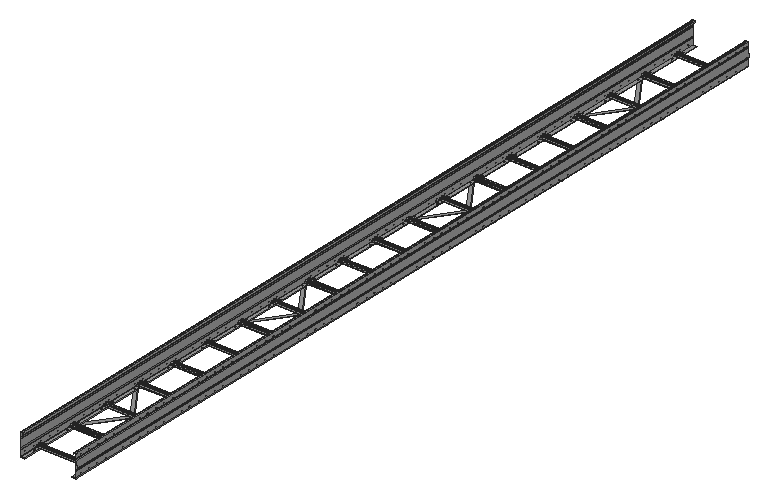
Revit family "WKLG1640", category Generic Models, Revit 2017 (continued)
Automatic sketch dimensions
  Extrusion 259 sketch curve to Extrusion 259 sketch curve = 0.5 mm  (x4)
  Extrusion 260 sketch curve to Extrusion 260 sketch curve = 0.5 mm  (x4)
  Extrusion 261 sketch curve to Extrusion 261 sketch curve = 0.5 mm  (x4)
  Extrusion 262 sketch curve to Extrusion 262 sketch curve = 0.5 mm  (x4)
  Extrusion 263 sketch curve to Extrusion 263 sketch curve = 0.5 mm  (x4)
  Extrusion 264 sketch curve to Extrusion 264 sketch curve = 0.5 mm  (x4)
  Extrusion 265 sketch curve to Extrusion 265 sketch curve = 0.5 mm  (x4)
  Extrusion 266 sketch curve to Extrusion 266 sketch curve = 0.5 mm  (x4)
  Extrusion 267 sketch curve to Extrusion 267 sketch curve = 0.5 mm  (x4)
  Extrusion 268 sketch curve to Extrusion 268 sketch curve = 0.5 mm  (x4)
  Extrusion 269 sketch curve to Extrusion 269 sketch curve = 0.5 mm  (x4)
  Extrusion 270 sketch curve to Extrusion 270 sketch curve = 0.5 mm  (x4)
  Extrusion 271 sketch curve to Extrusion 271 sketch curve = 0.5 mm  (x4)
  Extrusion 272 sketch curve to Extrusion 272 sketch curve = 0.5 mm  (x4)
  Extrusion 273 sketch curve to Extrusion 273 sketch curve = 0.5 mm  (x4)
  Extrusion 274 sketch curve to Extrusion 274 sketch curve = 0.5 mm  (x4)
  Extrusion 275 sketch curve to Extrusion 275 sketch curve = 0.5 mm  (x4)
  Extrusion 276 sketch curve to Extrusion 276 sketch curve = 0.5 mm  (x4)
  Extrusion 277 sketch curve to Extrusion 277 sketch curve = 0.5 mm  (x4)
  Extrusion 278 sketch curve to Extrusion 278 sketch curve = 0.5 mm  (x4)
  Extrusion 279 sketch curve to Extrusion 279 sketch curve = 0.5 mm  (x4)
  Extrusion 280 sketch curve to Extrusion 280 sketch curve = 0.5 mm  (x4)
  Extrusion 281 sketch curve to Extrusion 281 sketch curve = 0.5 mm  (x4)
  Extrusion 282 sketch curve to Extrusion 282 sketch curve = 0.5 mm  (x4)
  Extrusion 283 sketch curve to Extrusion 283 sketch curve = 0.5 mm  (x4)
  Extrusion 284 sketch curve to Extrusion 284 sketch curve = 0.5 mm  (x4)
  Extrusion 285 sketch curve to Extrusion 285 sketch curve = 0.5 mm  (x4)
  Extrusion 286 sketch curve to Extrusion 286 sketch curve = 0.5 mm  (x4)
  Extrusion 287 sketch curve to Extrusion 287 sketch curve = 0.5 mm  (x4)
  Extrusion 288 sketch curve to Extrusion 288 sketch curve = 0.5 mm  (x4)
  Extrusion 289 sketch curve to Extrusion 289 sketch curve = 0.5 mm  (x4)
  Extrusion 290 sketch curve to Extrusion 290 sketch curve = 0.5 mm  (x4)
  Extrusion 291 sketch curve to Extrusion 291 sketch curve = 0.5 mm  (x4)
  Extrusion 292 sketch curve to Extrusion 292 sketch curve = 0.5 mm  (x4)
  Extrusion 293 sketch curve to Extrusion 293 sketch curve = 0.5 mm  (x4)
  Extrusion 294 sketch curve to Extrusion 294 sketch curve = 0.5 mm  (x4)
  Extrusion 295 sketch curve to Extrusion 295 sketch curve = 0.5 mm  (x4)
  Extrusion 296 sketch curve to Extrusion 296 sketch curve = 0.5 mm  (x4)
  Extrusion 297 sketch curve to Extrusion 297 sketch curve = 0.5 mm  (x4)
  Extrusion 298 sketch curve to Extrusion 298 sketch curve = 0.5 mm  (x4)
  Extrusion 299 sketch curve to Extrusion 299 sketch curve = 0.5 mm  (x4)
  Extrusion 300 sketch curve to Extrusion 300 sketch curve = 0.5 mm  (x4)
  Extrusion 301 sketch curve to Extrusion 301 sketch curve = 0.5 mm  (x4)
  Extrusion 302 sketch curve to Extrusion 302 sketch curve = 0.5 mm  (x4)
  Extrusion 303 sketch curve to Extrusion 303 sketch curve = 0.5 mm  (x4)
  Extrusion 304 sketch curve to Extrusion 304 sketch curve = 0.5 mm  (x4)
  Extrusion 305 sketch curve to Extrusion 305 sketch curve = 0.5 mm  (x4)
  Extrusion 306 sketch curve to Extrusion 306 sketch curve = 0.5 mm  (x4)
  Extrusion 307 sketch curve to Extrusion 307 sketch curve = 0.5 mm  (x4)
  Extrusion 308 sketch curve to Extrusion 308 sketch curve = 0.5 mm  (x4)
  Extrusion 309 sketch curve to Extrusion 309 sketch curve = 0.5 mm  (x4)
  Extrusion 310 sketch curve to Extrusion 310 sketch curve = 0.5 mm  (x4)
  Extrusion 311 sketch curve to Extrusion 311 sketch curve = 0.5 mm  (x4)
  Extrusion 312 sketch curve to Extrusion 312 sketch curve = 0.5 mm  (x4)
  Extrusion 313 sketch curve to Extrusion 313 sketch curve = 0.5 mm  (x4)
  Extrusion 314 sketch curve to Extrusion 314 sketch curve = 0.5 mm  (x4)
  Extrusion 315 sketch curve to Extrusion 315 sketch curve = 0.5 mm  (x4)
  Extrusion 316 sketch curve to Extrusion 316 sketch curve = 0.5 mm  (x4)
  Extrusion 317 sketch curve to Extrusion 317 sketch curve = 0.5 mm  (x4)
  Extrusion 318 sketch curve to Extrusion 318 sketch curve = 0.5 mm  (x4)
  Extrusion 319 sketch curve to Extrusion 319 sketch curve = 0.5 mm  (x4)
  Extrusion 320 sketch curve to Extrusion 320 sketch curve = 0.5 mm  (x4)
  Extrusion 321 sketch curve to Extrusion 321 sketch curve = 0.5 mm  (x4)
  Extrusion 322 sketch curve to Extrusion 322 sketch curve = 0.5 mm  (x4)
  Extrusion 323 sketch curve to plane 180 = 0 mm  (x2)
  Extrusion 323 sketch curve to Extrusion 323 sketch curve = 1.56 mm
  Extrusion 323 sketch curve to plane 180 = 1.979 mm  (x2)
  Extrusion 323 sketch curve to Extrusion 323 sketch curve = 0.972 mm
  Extrusion 323 sketch curve to Extrusion 323 sketch curve = 0.087 mm
  Extrusion 323 sketch curve to plane 180 = 2.265 mm
  Extrusion 323 sketch curve to Extrusion 323 sketch curve = 0.57 mm
  Extrusion 323 sketch curve to Extrusion 323 sketch curve = 0.402 mm
  Extrusion 323 sketch curve to Extrusion 323 sketch curve = 5.713 mm
  Extrusion 323 sketch curve to plane 180 = 2.5 mm
  Extrusion 323 sketch curve to Extrusion 323 sketch curve = 5.709 mm
  Extrusion 323 sketch curve to Extrusion 323 sketch curve = 0.325 mm
  Extrusion 323 sketch curve to Extrusion 323 sketch curve = 2.671 mm
  Extrusion 323 sketch curve to Extrusion 323 sketch curve = 0.071 mm
  Extrusion 323 sketch curve to plane 180 = 12.979 mm
  Extrusion 323 sketch curve to Extrusion 323 sketch curve = 2.346 mm
  Extrusion 323 sketch curve to Extrusion 323 sketch curve = 13.249 mm
  Extrusion 323 sketch curve to plane 180 = 2.27 mm
  Extrusion 323 sketch curve to Extrusion 323 sketch curve = 1.797 mm
  Extrusion 324 sketch curve to plane 185 = 2.5 mm
  Extrusion 325 sketch curve to plane 186 = 2.5 mm
  Extrusion 326 sketch curve to plane 187 = 2.5 mm
  Extrusion 327 sketch curve to plane 188 = 2.5 mm
  Extrusion 328 sketch curve to plane 189 = 2.5 mm
  Extrusion 329 sketch curve to plane 190 = 2.5 mm
  Extrusion 330 sketch curve to plane 191 = 2.5 mm
  Extrusion 331 sketch curve to plane 192 = 2.5 mm
  Extrusion 332 sketch curve to plane 193 = 2.5 mm
  Extrusion 333 sketch curve to plane 194 = 2.5 mm
  Extrusion 334 sketch curve to plane 195 = 2.5 mm
  Extrusion 335 sketch curve to plane 196 = 2.5 mm
  Extrusion 336 sketch curve to plane 197 = 2.5 mm
  Extrusion 337 sketch curve to plane 198 = 2.5 mm
  Extrusion 338 sketch curve to plane 199 = 2.5 mm
  Extrusion 339 sketch curve to plane 200 = 2.5 mm
  Extrusion 340 sketch curve to plane 201 = 2.5 mm
  Extrusion 341 sketch curve to plane 202 = 2.5 mm
  Extrusion 342 sketch curve to plane 203 = 2.5 mm
  Extrusion 343 sketch curve to plane 204 = 2.5 mm
  Extrusion 344 sketch curve to plane 206 = 2.5 mm
  Extrusion 345 sketch curve to plane 208 = 2.5 mm
  Extrusion 346 sketch curve to plane 209 = 2.5 mm
  Extrusion 347 sketch curve to plane 210 = 2.5 mm
  Extrusion 348 sketch curve to plane 211 = 2.5 mm
  Extrusion 349 sketch curve to plane 212 = 2.5 mm
  Extrusion 350 sketch curve to plane 213 = 2.5 mm
  Extrusion 351 sketch curve to plane 214 = 2.5 mm
  Extrusion 352 sketch curve to plane 215 = 2.5 mm
  Extrusion 353 sketch curve to plane 216 = 2.5 mm
  Extrusion 354 sketch curve to plane 217 = 2.5 mm
  Extrusion 355 sketch curve to plane 218 = 2.5 mm
  Extrusion 356 sketch curve to plane 219 = 2.5 mm
  Extrusion 357 sketch curve to plane 220 = 2.5 mm
  Extrusion 358 sketch curve to plane 221 = 2.5 mm
  Extrusion 359 sketch curve to plane 222 = 2.5 mm
  Extrusion 360 sketch curve to plane 223 = 2.5 mm
  Extrusion 361 sketch curve to plane 224 = 2.5 mm
  Extrusion 362 sketch curve to plane 225 = 2.5 mm
  Extrusion 363 sketch curve to plane 226 = 2.5 mm
  plane 232 to Extrusion 384 sketch curve = 2.5 mm
  plane 233 to Extrusion 385 sketch curve = 2.5 mm
  plane 234 to Extrusion 386 sketch curve = 2.5 mm
  plane 235 to Extrusion 387 sketch curve = 2.5 mm
  plane 236 to Extrusion 388 sketch curve = 2.5 mm
  plane 237 to Extrusion 389 sketch curve = 2.5 mm
  plane 238 to Extrusion 390 sketch curve = 2.5 mm
  plane 239 to Extrusion 391 sketch curve = 2.5 mm
  plane 240 to Extrusion 392 sketch curve = 2.5 mm
  plane 241 to Extrusion 393 sketch curve = 2.5 mm
  plane 242 to Extrusion 394 sketch curve = 2.5 mm
  plane 243 to Extrusion 395 sketch curve = 2.5 mm
  plane 244 to Extrusion 396 sketch curve = 2.5 mm
  plane 245 to Extrusion 397 sketch curve = 2.5 mm
  plane 246 to Extrusion 398 sketch curve = 2.5 mm
  plane 247 to Extrusion 399 sketch curve = 2.5 mm
  plane 248 to Extrusion 400 sketch curve = 2.5 mm
  plane 249 to Extrusion 401 sketch curve = 2.5 mm
  plane 250 to Extrusion 402 sketch curve = 2.5 mm
  plane 251 to Extrusion 403 sketch curve = 2.5 mm
  Extrusion 404 sketch curve to plane 253 = 0 mm
  Extrusion 404 sketch curve to plane 255 = 0 mm
  Extrusion 404 sketch curve to plane 254 = 0 mm
  Extrusion 404 sketch curve to plane 259 = 2.75 mm
  Extrusion 404 sketch curve to Extrusion 404 sketch curve = 0 mm  (x3)
  Extrusion 405 sketch curve to plane 260 = 0 mm  (x2)
  Extrusion 405 sketch curve to Extrusion 405 sketch curve = 1.56 mm
  Extrusion 405 sketch curve to plane 260 = 1.979 mm  (x2)
  Extrusion 405 sketch curve to Extrusion 405 sketch curve = 0.972 mm
  Extrusion 405 sketch curve to Extrusion 405 sketch curve = 0.087 mm
  Extrusion 405 sketch curve to plane 260 = 2.265 mm
  Extrusion 405 sketch curve to Extrusion 405 sketch curve = 0.57 mm
  Extrusion 405 sketch curve to Extrusion 405 sketch curve = 0.402 mm
  Extrusion 405 sketch curve to Extrusion 405 sketch curve = 5.713 mm
  Extrusion 405 sketch curve to plane 260 = 2.5 mm
  Extrusion 405 sketch curve to Extrusion 405 sketch curve = 5.709 mm
  Extrusion 405 sketch curve to Extrusion 405 sketch curve = 0.325 mm
  Extrusion 405 sketch curve to Extrusion 405 sketch curve = 2.671 mm
  Extrusion 405 sketch curve to Extrusion 405 sketch curve = 0.071 mm
  Extrusion 405 sketch curve to plane 260 = 12.979 mm
  Extrusion 405 sketch curve to Extrusion 405 sketch curve = 2.346 mm
  Extrusion 405 sketch curve to Extrusion 405 sketch curve = 13.249 mm
  Extrusion 405 sketch curve to plane 260 = 2.27 mm
  Extrusion 405 sketch curve to Extrusion 405 sketch curve = 1.797 mm
  Extrusion 406 sketch curve to plane 261 = 0 mm  (x2)
  Extrusion 406 sketch curve to Extrusion 406 sketch curve = 1.56 mm
  Extrusion 406 sketch curve to plane 261 = 1.979 mm  (x2)
  Extrusion 406 sketch curve to Extrusion 406 sketch curve = 0.972 mm
  Extrusion 406 sketch curve to Extrusion 406 sketch curve = 0.087 mm
  Extrusion 406 sketch curve to plane 261 = 2.265 mm
  Extrusion 406 sketch curve to Extrusion 406 sketch curve = 0.57 mm
  Extrusion 406 sketch curve to Extrusion 406 sketch curve = 0.402 mm
  Extrusion 406 sketch curve to Extrusion 406 sketch curve = 5.713 mm
  Extrusion 406 sketch curve to plane 261 = 2.5 mm
  Extrusion 406 sketch curve to Extrusion 406 sketch curve = 5.709 mm
  Extrusion 406 sketch curve to Extrusion 406 sketch curve = 0.325 mm
  Extrusion 406 sketch curve to Extrusion 406 sketch curve = 2.671 mm
  Extrusion 406 sketch curve to Extrusion 406 sketch curve = 0.071 mm
  Extrusion 406 sketch curve to plane 261 = 12.979 mm
  Extrusion 406 sketch curve to Extrusion 406 sketch curve = 2.346 mm
  Extrusion 406 sketch curve to Extrusion 406 sketch curve = 13.249 mm
  Extrusion 406 sketch curve to plane 261 = 2.27 mm
  Extrusion 406 sketch curve to Extrusion 406 sketch curve = 1.797 mm
  Extrusion 407 sketch curve to plane 262 = 0 mm
  Extrusion 407 sketch curve to plane 264 = 0 mm
  Extrusion 407 sketch curve to plane 263 = 0 mm
  Extrusion 407 sketch curve to plane 268 = 2.75 mm
  Extrusion 407 sketch curve to Extrusion 407 sketch curve = 0 mm  (x3)
  Extrusion 408 sketch curve to plane 269 = 0 mm  (x2)
  Extrusion 408 sketch curve to Extrusion 408 sketch curve = 1.56 mm
  Extrusion 408 sketch curve to plane 269 = 1.979 mm  (x2)
  Extrusion 408 sketch curve to Extrusion 408 sketch curve = 0.972 mm
  Extrusion 408 sketch curve to Extrusion 408 sketch curve = 0.087 mm
  Extrusion 408 sketch curve to plane 269 = 2.265 mm
  Extrusion 408 sketch curve to Extrusion 408 sketch curve = 0.57 mm
  Extrusion 408 sketch curve to Extrusion 408 sketch curve = 0.402 mm
  Extrusion 408 sketch curve to Extrusion 408 sketch curve = 5.713 mm
  Extrusion 408 sketch curve to plane 269 = 2.5 mm
  Extrusion 408 sketch curve to Extrusion 408 sketch curve = 5.709 mm
  Extrusion 408 sketch curve to Extrusion 408 sketch curve = 0.325 mm
  Extrusion 408 sketch curve to Extrusion 408 sketch curve = 2.671 mm
  Extrusion 408 sketch curve to Extrusion 408 sketch curve = 0.071 mm
  Extrusion 408 sketch curve to plane 269 = 12.979 mm
  Extrusion 408 sketch curve to Extrusion 408 sketch curve = 2.346 mm
  Extrusion 408 sketch curve to Extrusion 408 sketch curve = 13.249 mm
  Extrusion 408 sketch curve to plane 269 = 2.27 mm
  Extrusion 408 sketch curve to Extrusion 408 sketch curve = 1.797 mm
  Extrusion 409 sketch curve to plane 270 = 0 mm
  Extrusion 409 sketch curve to plane 272 = 0 mm
  Extrusion 409 sketch curve to plane 271 = 0 mm
  Extrusion 409 sketch curve to plane 276 = 2.75 mm
  Extrusion 409 sketch curve to Extrusion 409 sketch curve = 0 mm  (x3)
  Extrusion 410 sketch curve to plane 277 = 0 mm  (x2)
  Extrusion 410 sketch curve to Extrusion 410 sketch curve = 1.56 mm
  Extrusion 410 sketch curve to plane 277 = 1.979 mm  (x2)
  Extrusion 410 sketch curve to Extrusion 410 sketch curve = 0.972 mm
  Extrusion 410 sketch curve to Extrusion 410 sketch curve = 0.087 mm
  Extrusion 410 sketch curve to plane 277 = 2.265 mm
  Extrusion 410 sketch curve to Extrusion 410 sketch curve = 0.57 mm
  Extrusion 410 sketch curve to Extrusion 410 sketch curve = 0.402 mm
  Extrusion 410 sketch curve to Extrusion 410 sketch curve = 5.713 mm
  Extrusion 410 sketch curve to plane 277 = 2.5 mm
  Extrusion 410 sketch curve to Extrusion 410 sketch curve = 5.709 mm
  Extrusion 410 sketch curve to Extrusion 410 sketch curve = 0.325 mm
  Extrusion 410 sketch curve to Extrusion 410 sketch curve = 2.671 mm
  Extrusion 410 sketch curve to Extrusion 410 sketch curve = 0.071 mm
  Extrusion 410 sketch curve to plane 277 = 12.979 mm
  Extrusion 410 sketch curve to Extrusion 410 sketch curve = 2.346 mm
  Extrusion 410 sketch curve to Extrusion 410 sketch curve = 13.249 mm
  Extrusion 410 sketch curve to plane 277 = 2.27 mm
  Extrusion 410 sketch curve to Extrusion 410 sketch curve = 1.797 mm
  Extrusion 411 sketch curve to plane 278 = 0 mm
  Extrusion 411 sketch curve to plane 280 = 0 mm
  Extrusion 411 sketch curve to plane 279 = 0 mm
  Extrusion 411 sketch curve to plane 284 = 2.75 mm
  Extrusion 411 sketch curve to Extrusion 411 sketch curve = 0 mm  (x3)
  Extrusion 412 sketch curve to plane 285 = 0 mm  (x2)
  Extrusion 412 sketch curve to Extrusion 412 sketch curve = 1.56 mm
  Extrusion 412 sketch curve to plane 285 = 1.979 mm  (x2)
  Extrusion 412 sketch curve to Extrusion 412 sketch curve = 0.972 mm
  Extrusion 412 sketch curve to Extrusion 412 sketch curve = 0.087 mm
  Extrusion 412 sketch curve to plane 285 = 2.265 mm
  Extrusion 412 sketch curve to Extrusion 412 sketch curve = 0.57 mm
  Extrusion 412 sketch curve to Extrusion 412 sketch curve = 0.402 mm
  Extrusion 412 sketch curve to Extrusion 412 sketch curve = 5.713 mm
  Extrusion 412 sketch curve to plane 285 = 2.5 mm
  Extrusion 412 sketch curve to Extrusion 412 sketch curve = 5.709 mm
  Extrusion 412 sketch curve to Extrusion 412 sketch curve = 0.325 mm
  Extrusion 412 sketch curve to Extrusion 412 sketch curve = 2.671 mm
  Extrusion 412 sketch curve to Extrusion 412 sketch curve = 0.071 mm
  Extrusion 412 sketch curve to plane 285 = 12.979 mm
  Extrusion 412 sketch curve to Extrusion 412 sketch curve = 2.346 mm
  Extrusion 412 sketch curve to Extrusion 412 sketch curve = 13.249 mm
  Extrusion 412 sketch curve to plane 285 = 2.27 mm
  Extrusion 412 sketch curve to Extrusion 412 sketch curve = 1.797 mm
  Extrusion 413 sketch curve to plane 286 = 0 mm
  Extrusion 413 sketch curve to plane 288 = 0 mm
  Extrusion 413 sketch curve to plane 287 = 0 mm
  Extrusion 413 sketch curve to plane 292 = 2.75 mm
  Extrusion 413 sketch curve to Extrusion 413 sketch curve = 0 mm  (x3)
  Extrusion 414 sketch curve to plane 293 = 0 mm  (x2)
  Extrusion 414 sketch curve to Extrusion 414 sketch curve = 1.56 mm
  Extrusion 414 sketch curve to plane 293 = 1.979 mm  (x2)
  Extrusion 414 sketch curve to Extrusion 414 sketch curve = 0.972 mm
  Extrusion 414 sketch curve to Extrusion 414 sketch curve = 0.087 mm
  Extrusion 414 sketch curve to plane 293 = 2.265 mm
  Extrusion 414 sketch curve to Extrusion 414 sketch curve = 0.57 mm
  Extrusion 414 sketch curve to Extrusion 414 sketch curve = 0.402 mm
  Extrusion 414 sketch curve to Extrusion 414 sketch curve = 5.713 mm
  Extrusion 414 sketch curve to plane 293 = 2.5 mm
  Extrusion 414 sketch curve to Extrusion 414 sketch curve = 5.709 mm
  Extrusion 414 sketch curve to Extrusion 414 sketch curve = 0.325 mm
  Extrusion 414 sketch curve to Extrusion 414 sketch curve = 2.671 mm
  Extrusion 414 sketch curve to Extrusion 414 sketch curve = 0.071 mm
  Extrusion 414 sketch curve to plane 293 = 12.979 mm
  Extrusion 414 sketch curve to Extrusion 414 sketch curve = 2.346 mm
  Extrusion 414 sketch curve to Extrusion 414 sketch curve = 13.249 mm
  Extrusion 414 sketch curve to plane 293 = 2.27 mm
  Extrusion 414 sketch curve to Extrusion 414 sketch curve = 1.797 mm
  Extrusion 415 sketch curve to plane 294 = 0 mm
  Extrusion 415 sketch curve to plane 296 = 0 mm
  Extrusion 415 sketch curve to plane 295 = 0 mm
  Extrusion 415 sketch curve to plane 300 = 2.75 mm
  Extrusion 415 sketch curve to Extrusion 415 sketch curve = 0 mm  (x3)
  Extrusion 416 sketch curve to plane 301 = 0 mm  (x2)
  Extrusion 416 sketch curve to Extrusion 416 sketch curve = 1.56 mm
  Extrusion 416 sketch curve to plane 301 = 1.979 mm  (x2)
  Extrusion 416 sketch curve to Extrusion 416 sketch curve = 0.972 mm
  Extrusion 416 sketch curve to Extrusion 416 sketch curve = 0.087 mm
  Extrusion 416 sketch curve to plane 301 = 2.265 mm
  Extrusion 416 sketch curve to Extrusion 416 sketch curve = 0.57 mm
  Extrusion 416 sketch curve to Extrusion 416 sketch curve = 0.402 mm
  Extrusion 416 sketch curve to Extrusion 416 sketch curve = 5.713 mm
  Extrusion 416 sketch curve to plane 301 = 2.5 mm
  Extrusion 416 sketch curve to Extrusion 416 sketch curve = 5.709 mm
  Extrusion 416 sketch curve to Extrusion 416 sketch curve = 0.325 mm
  Extrusion 416 sketch curve to Extrusion 416 sketch curve = 2.671 mm
  Extrusion 416 sketch curve to Extrusion 416 sketch curve = 0.071 mm
  Extrusion 416 sketch curve to plane 301 = 12.979 mm
  Extrusion 416 sketch curve to Extrusion 416 sketch curve = 2.346 mm
  Extrusion 416 sketch curve to Extrusion 416 sketch curve = 13.249 mm
  Extrusion 416 sketch curve to plane 301 = 2.27 mm
  Extrusion 416 sketch curve to Extrusion 416 sketch curve = 1.797 mm
  Extrusion 417 sketch curve to plane 302 = 0 mm
  Extrusion 417 sketch curve to plane 304 = 0 mm
  Extrusion 417 sketch curve to plane 303 = 0 mm
  Extrusion 417 sketch curve to plane 308 = 2.75 mm
  Extrusion 417 sketch curve to Extrusion 417 sketch curve = 0 mm  (x3)
  Extrusion 418 sketch curve to plane 309 = 0 mm  (x2)
  Extrusion 418 sketch curve to Extrusion 418 sketch curve = 1.56 mm
  Extrusion 418 sketch curve to plane 309 = 1.979 mm  (x2)
  Extrusion 418 sketch curve to Extrusion 418 sketch curve = 0.972 mm
  Extrusion 418 sketch curve to Extrusion 418 sketch curve = 0.087 mm
  Extrusion 418 sketch curve to plane 309 = 2.265 mm
  Extrusion 418 sketch curve to Extrusion 418 sketch curve = 0.57 mm
  Extrusion 418 sketch curve to Extrusion 418 sketch curve = 0.402 mm
  Extrusion 418 sketch curve to Extrusion 418 sketch curve = 5.713 mm
  Extrusion 418 sketch curve to plane 309 = 2.5 mm
  Extrusion 418 sketch curve to Extrusion 418 sketch curve = 5.709 mm
  Extrusion 418 sketch curve to Extrusion 418 sketch curve = 0.325 mm
  Extrusion 418 sketch curve to Extrusion 418 sketch curve = 2.671 mm
  Extrusion 418 sketch curve to Extrusion 418 sketch curve = 0.071 mm
  Extrusion 418 sketch curve to plane 309 = 12.979 mm
  Extrusion 418 sketch curve to Extrusion 418 sketch curve = 2.346 mm
  Extrusion 418 sketch curve to Extrusion 418 sketch curve = 13.249 mm
  Extrusion 418 sketch curve to plane 309 = 2.27 mm
  Extrusion 418 sketch curve to Extrusion 418 sketch curve = 1.797 mm
  Extrusion 419 sketch curve to plane 310 = 0 mm
  Extrusion 419 sketch curve to plane 312 = 0 mm
  Extrusion 419 sketch curve to plane 311 = 0 mm
  Extrusion 419 sketch curve to plane 316 = 2.75 mm
  Extrusion 419 sketch curve to Extrusion 419 sketch curve = 0 mm  (x3)
  Extrusion 420 sketch curve to plane 317 = 0 mm  (x2)
  Extrusion 420 sketch curve to Extrusion 420 sketch curve = 1.56 mm
  Extrusion 420 sketch curve to plane 317 = 1.979 mm  (x2)
  Extrusion 420 sketch curve to Extrusion 420 sketch curve = 0.972 mm
  Extrusion 420 sketch curve to Extrusion 420 sketch curve = 0.087 mm
  Extrusion 420 sketch curve to plane 317 = 2.265 mm
  Extrusion 420 sketch curve to Extrusion 420 sketch curve = 0.57 mm
  Extrusion 420 sketch curve to Extrusion 420 sketch curve = 0.402 mm
  Extrusion 420 sketch curve to Extrusion 420 sketch curve = 5.713 mm
  Extrusion 420 sketch curve to plane 317 = 2.5 mm
  Extrusion 420 sketch curve to Extrusion 420 sketch curve = 5.709 mm
  Extrusion 420 sketch curve to Extrusion 420 sketch curve = 0.325 mm
  Extrusion 420 sketch curve to Extrusion 420 sketch curve = 2.671 mm
  Extrusion 420 sketch curve to Extrusion 420 sketch curve = 0.071 mm
  Extrusion 420 sketch curve to plane 317 = 12.979 mm
  Extrusion 420 sketch curve to Extrusion 420 sketch curve = 2.346 mm
  Extrusion 420 sketch curve to Extrusion 420 sketch curve = 13.249 mm
  Extrusion 420 sketch curve to plane 317 = 2.27 mm
  Extrusion 420 sketch curve to Extrusion 420 sketch curve = 1.797 mm
  Extrusion 421 sketch curve to plane 318 = 0 mm
  Extrusion 421 sketch curve to plane 320 = 0 mm
  Extrusion 421 sketch curve to plane 319 = 0 mm
  Extrusion 421 sketch curve to plane 324 = 2.75 mm
  Extrusion 421 sketch curve to Extrusion 421 sketch curve = 0 mm  (x3)
  Extrusion 422 sketch curve to plane 325 = 0 mm  (x2)
  Extrusion 422 sketch curve to Extrusion 422 sketch curve = 1.56 mm
  Extrusion 422 sketch curve to plane 325 = 1.979 mm  (x2)
  Extrusion 422 sketch curve to Extrusion 422 sketch curve = 0.972 mm
  Extrusion 422 sketch curve to Extrusion 422 sketch curve = 0.087 mm
  Extrusion 422 sketch curve to plane 325 = 2.265 mm
  Extrusion 422 sketch curve to Extrusion 422 sketch curve = 0.57 mm
  Extrusion 422 sketch curve to Extrusion 422 sketch curve = 0.402 mm
  Extrusion 422 sketch curve to Extrusion 422 sketch curve = 5.713 mm
  Extrusion 422 sketch curve to plane 325 = 2.5 mm
  Extrusion 422 sketch curve to Extrusion 422 sketch curve = 5.709 mm
  Extrusion 422 sketch curve to Extrusion 422 sketch curve = 0.325 mm
  Extrusion 422 sketch curve to Extrusion 422 sketch curve = 2.671 mm
  Extrusion 422 sketch curve to Extrusion 422 sketch curve = 0.071 mm
  Extrusion 422 sketch curve to plane 325 = 12.979 mm
  Extrusion 422 sketch curve to Extrusion 422 sketch curve = 2.346 mm
  Extrusion 422 sketch curve to Extrusion 422 sketch curve = 13.249 mm
  Extrusion 422 sketch curve to plane 325 = 2.27 mm
  Extrusion 422 sketch curve to Extrusion 422 sketch curve = 1.797 mm
  Extrusion 423 sketch curve to plane 326 = 0 mm
  Extrusion 423 sketch curve to plane 328 = 0 mm
  Extrusion 423 sketch curve to plane 327 = 0 mm
  Extrusion 423 sketch curve to plane 332 = 2.75 mm
  Extrusion 423 sketch curve to Extrusion 423 sketch curve = 0 mm  (x3)
  Extrusion 424 sketch curve to plane 333 = 0 mm  (x2)
  Extrusion 424 sketch curve to Extrusion 424 sketch curve = 1.56 mm
  Extrusion 424 sketch curve to plane 333 = 1.979 mm  (x2)
  Extrusion 424 sketch curve to Extrusion 424 sketch curve = 0.972 mm
  Extrusion 424 sketch curve to Extrusion 424 sketch curve = 0.087 mm
  Extrusion 424 sketch curve to plane 333 = 2.265 mm
  Extrusion 424 sketch curve to Extrusion 424 sketch curve = 0.57 mm
  Extrusion 424 sketch curve to Extrusion 424 sketch curve = 0.402 mm
  Extrusion 424 sketch curve to Extrusion 424 sketch curve = 5.713 mm
  Extrusion 424 sketch curve to plane 333 = 2.5 mm
  Extrusion 424 sketch curve to Extrusion 424 sketch curve = 5.709 mm
  Extrusion 424 sketch curve to Extrusion 424 sketch curve = 0.325 mm
  Extrusion 424 sketch curve to Extrusion 424 sketch curve = 2.671 mm
  Extrusion 424 sketch curve to Extrusion 424 sketch curve = 0.071 mm
  Extrusion 424 sketch curve to plane 333 = 12.979 mm
  Extrusion 424 sketch curve to Extrusion 424 sketch curve = 2.346 mm
  Extrusion 424 sketch curve to Extrusion 424 sketch curve = 13.249 mm
  Extrusion 424 sketch curve to plane 333 = 2.27 mm
  Extrusion 424 sketch curve to Extrusion 424 sketch curve = 1.797 mm
  Extrusion 425 sketch curve to plane 334 = 0 mm
  Extrusion 425 sketch curve to plane 336 = 0 mm
  Extrusion 425 sketch curve to plane 335 = 0 mm
  Extrusion 425 sketch curve to plane 340 = 2.75 mm
  Extrusion 425 sketch curve to Extrusion 425 sketch curve = 0 mm  (x3)
  Extrusion 426 sketch curve to plane 341 = 0 mm  (x2)
  Extrusion 426 sketch curve to Extrusion 426 sketch curve = 1.56 mm
  Extrusion 426 sketch curve to plane 341 = 1.979 mm  (x2)
  Extrusion 426 sketch curve to Extrusion 426 sketch curve = 0.972 mm
  Extrusion 426 sketch curve to Extrusion 426 sketch curve = 0.087 mm
  Extrusion 426 sketch curve to plane 341 = 2.265 mm
  Extrusion 426 sketch curve to Extrusion 426 sketch curve = 0.57 mm
  Extrusion 426 sketch curve to Extrusion 426 sketch curve = 0.402 mm
  Extrusion 426 sketch curve to Extrusion 426 sketch curve = 5.713 mm
  Extrusion 426 sketch curve to plane 341 = 2.5 mm
  Extrusion 426 sketch curve to Extrusion 426 sketch curve = 5.709 mm
  Extrusion 426 sketch curve to Extrusion 426 sketch curve = 0.325 mm
  Extrusion 426 sketch curve to Extrusion 426 sketch curve = 2.671 mm
  Extrusion 426 sketch curve to Extrusion 426 sketch curve = 0.071 mm
  Extrusion 426 sketch curve to plane 341 = 12.979 mm
  Extrusion 426 sketch curve to Extrusion 426 sketch curve = 2.346 mm
  Extrusion 426 sketch curve to Extrusion 426 sketch curve = 13.249 mm
  Extrusion 426 sketch curve to plane 341 = 2.27 mm
  Extrusion 426 sketch curve to Extrusion 426 sketch curve = 1.797 mm
  Extrusion 427 sketch curve to plane 342 = 0 mm
  Extrusion 427 sketch curve to plane 344 = 0 mm
  Extrusion 427 sketch curve to plane 343 = 0 mm
  Extrusion 427 sketch curve to plane 348 = 2.75 mm
  Extrusion 427 sketch curve to Extrusion 427 sketch curve = 0 mm  (x3)
  Extrusion 428 sketch curve to plane 349 = 0 mm  (x2)
  Extrusion 428 sketch curve to Extrusion 428 sketch curve = 1.56 mm
  Extrusion 428 sketch curve to plane 349 = 1.979 mm  (x2)
  Extrusion 428 sketch curve to Extrusion 428 sketch curve = 0.972 mm
  Extrusion 428 sketch curve to Extrusion 428 sketch curve = 0.087 mm
  Extrusion 428 sketch curve to plane 349 = 2.265 mm
  Extrusion 428 sketch curve to Extrusion 428 sketch curve = 0.57 mm
  Extrusion 428 sketch curve to Extrusion 428 sketch curve = 0.402 mm
  Extrusion 428 sketch curve to Extrusion 428 sketch curve = 5.713 mm
  Extrusion 428 sketch curve to plane 349 = 2.5 mm
  Extrusion 428 sketch curve to Extrusion 428 sketch curve = 5.709 mm
  Extrusion 428 sketch curve to Extrusion 428 sketch curve = 0.325 mm
  Extrusion 428 sketch curve to Extrusion 428 sketch curve = 2.671 mm
  Extrusion 428 sketch curve to Extrusion 428 sketch curve = 0.071 mm
  Extrusion 428 sketch curve to plane 349 = 12.979 mm
  Extrusion 428 sketch curve to Extrusion 428 sketch curve = 2.346 mm
  Extrusion 428 sketch curve to Extrusion 428 sketch curve = 13.249 mm
  Extrusion 428 sketch curve to plane 349 = 2.27 mm
  Extrusion 428 sketch curve to Extrusion 428 sketch curve = 1.797 mm
  Extrusion 429 sketch curve to plane 350 = 0 mm
  Extrusion 429 sketch curve to plane 352 = 0 mm
  Extrusion 429 sketch curve to plane 351 = 0 mm
  Extrusion 429 sketch curve to plane 356 = 2.75 mm
  Extrusion 429 sketch curve to Extrusion 429 sketch curve = 0 mm  (x3)
  Extrusion 430 sketch curve to plane 357 = 0 mm  (x2)
  Extrusion 430 sketch curve to Extrusion 430 sketch curve = 1.56 mm
  Extrusion 430 sketch curve to plane 357 = 1.979 mm  (x2)
  Extrusion 430 sketch curve to Extrusion 430 sketch curve = 0.972 mm
  Extrusion 430 sketch curve to Extrusion 430 sketch curve = 0.087 mm
  Extrusion 430 sketch curve to plane 357 = 2.265 mm
  Extrusion 430 sketch curve to Extrusion 430 sketch curve = 0.57 mm
  Extrusion 430 sketch curve to Extrusion 430 sketch curve = 0.402 mm
  Extrusion 430 sketch curve to Extrusion 430 sketch curve = 5.713 mm
  Extrusion 430 sketch curve to plane 357 = 2.5 mm
  Extrusion 430 sketch curve to Extrusion 430 sketch curve = 5.709 mm
  Extrusion 430 sketch curve to Extrusion 430 sketch curve = 0.325 mm
  Extrusion 430 sketch curve to Extrusion 430 sketch curve = 2.671 mm
  Extrusion 430 sketch curve to Extrusion 430 sketch curve = 0.071 mm
  Extrusion 430 sketch curve to plane 357 = 12.979 mm
  Extrusion 430 sketch curve to Extrusion 430 sketch curve = 2.346 mm
  Extrusion 430 sketch curve to Extrusion 430 sketch curve = 13.249 mm
  Extrusion 430 sketch curve to plane 357 = 2.27 mm
  Extrusion 430 sketch curve to Extrusion 430 sketch curve = 1.797 mm
  Extrusion 431 sketch curve to plane 358 = 0 mm
  Extrusion 431 sketch curve to plane 360 = 0 mm
  Extrusion 431 sketch curve to plane 359 = 0 mm
  Extrusion 431 sketch curve to plane 364 = 2.75 mm
  Extrusion 431 sketch curve to Extrusion 431 sketch curve = 0 mm  (x3)
  Extrusion 432 sketch curve to plane 365 = 0 mm  (x2)
  Extrusion 432 sketch curve to Extrusion 432 sketch curve = 1.56 mm
  Extrusion 432 sketch curve to plane 365 = 1.979 mm  (x2)
  Extrusion 432 sketch curve to Extrusion 432 sketch curve = 0.972 mm
  Extrusion 432 sketch curve to Extrusion 432 sketch curve = 0.087 mm
  Extrusion 432 sketch curve to plane 365 = 2.265 mm
  Extrusion 432 sketch curve to Extrusion 432 sketch curve = 0.57 mm
  Extrusion 432 sketch curve to Extrusion 432 sketch curve = 0.402 mm
  Extrusion 432 sketch curve to Extrusion 432 sketch curve = 5.713 mm
  Extrusion 432 sketch curve to plane 365 = 2.5 mm
  Extrusion 432 sketch curve to Extrusion 432 sketch curve = 5.709 mm
  Extrusion 432 sketch curve to Extrusion 432 sketch curve = 0.325 mm
  Extrusion 432 sketch curve to Extrusion 432 sketch curve = 2.671 mm
  Extrusion 432 sketch curve to Extrusion 432 sketch curve = 0.071 mm
  Extrusion 432 sketch curve to plane 365 = 12.979 mm
  Extrusion 432 sketch curve to Extrusion 432 sketch curve = 2.346 mm
  Extrusion 432 sketch curve to Extrusion 432 sketch curve = 13.249 mm
  Extrusion 432 sketch curve to plane 365 = 2.27 mm
  Extrusion 432 sketch curve to Extrusion 432 sketch curve = 1.797 mm
  Extrusion 433 sketch curve to plane 366 = 0 mm
  Extrusion 433 sketch curve to plane 368 = 0 mm
  Extrusion 433 sketch curve to plane 367 = 0 mm
  Extrusion 433 sketch curve to plane 372 = 2.75 mm
  Extrusion 433 sketch curve to Extrusion 433 sketch curve = 0 mm  (x3)
  Extrusion 434 sketch curve to plane 373 = 0 mm  (x2)
  Extrusion 434 sketch curve to Extrusion 434 sketch curve = 1.56 mm
  Extrusion 434 sketch curve to plane 373 = 1.979 mm  (x2)
  Extrusion 434 sketch curve to Extrusion 434 sketch curve = 0.972 mm
  Extrusion 434 sketch curve to Extrusion 434 sketch curve = 0.087 mm
  Extrusion 434 sketch curve to plane 373 = 2.265 mm
  Extrusion 434 sketch curve to Extrusion 434 sketch curve = 0.57 mm
  Extrusion 434 sketch curve to Extrusion 434 sketch curve = 0.402 mm
  Extrusion 434 sketch curve to Extrusion 434 sketch curve = 5.713 mm
  Extrusion 434 sketch curve to plane 373 = 2.5 mm
  Extrusion 434 sketch curve to Extrusion 434 sketch curve = 5.709 mm
  Extrusion 434 sketch curve to Extrusion 434 sketch curve = 0.325 mm
  Extrusion 434 sketch curve to Extrusion 434 sketch curve = 2.671 mm
  Extrusion 434 sketch curve to Extrusion 434 sketch curve = 0.071 mm
  Extrusion 434 sketch curve to plane 373 = 12.979 mm
  Extrusion 434 sketch curve to Extrusion 434 sketch curve = 2.346 mm
  Extrusion 434 sketch curve to Extrusion 434 sketch curve = 13.249 mm
  Extrusion 434 sketch curve to plane 373 = 2.27 mm
  Extrusion 434 sketch curve to Extrusion 434 sketch curve = 1.797 mm
  Extrusion 435 sketch curve to plane 374 = 0 mm
  Extrusion 435 sketch curve to plane 376 = 0 mm
  Extrusion 435 sketch curve to plane 375 = 0 mm
  Extrusion 435 sketch curve to plane 380 = 2.75 mm
  Extrusion 435 sketch curve to Extrusion 435 sketch curve = 0 mm  (x3)
  Extrusion 436 sketch curve to plane 381 = 0 mm  (x2)
  Extrusion 436 sketch curve to Extrusion 436 sketch curve = 1.56 mm
  Extrusion 436 sketch curve to plane 381 = 1.979 mm  (x2)
  Extrusion 436 sketch curve to Extrusion 436 sketch curve = 0.972 mm
  Extrusion 436 sketch curve to Extrusion 436 sketch curve = 0.087 mm
  Extrusion 436 sketch curve to plane 381 = 2.265 mm
  Extrusion 436 sketch curve to Extrusion 436 sketch curve = 0.57 mm
  Extrusion 436 sketch curve to Extrusion 436 sketch curve = 0.402 mm
  Extrusion 436 sketch curve to Extrusion 436 sketch curve = 5.713 mm
  Extrusion 436 sketch curve to plane 381 = 2.5 mm
  Extrusion 436 sketch curve to Extrusion 436 sketch curve = 5.709 mm
  Extrusion 436 sketch curve to Extrusion 436 sketch curve = 0.325 mm
  Extrusion 436 sketch curve to Extrusion 436 sketch curve = 2.671 mm
  Extrusion 436 sketch curve to Extrusion 436 sketch curve = 0.071 mm
  Extrusion 436 sketch curve to plane 381 = 12.979 mm
  Extrusion 436 sketch curve to Extrusion 436 sketch curve = 2.346 mm
  Extrusion 436 sketch curve to Extrusion 436 sketch curve = 13.249 mm
  Extrusion 436 sketch curve to plane 381 = 2.27 mm
  Extrusion 436 sketch curve to Extrusion 436 sketch curve = 1.797 mm
  Extrusion 437 sketch curve to plane 382 = 0 mm
  Extrusion 437 sketch curve to plane 384 = 0 mm
  Extrusion 437 sketch curve to plane 383 = 0 mm
  Extrusion 437 sketch curve to plane 388 = 2.75 mm
  Extrusion 437 sketch curve to Extrusion 437 sketch curve = 0 mm  (x3)
  Extrusion 438 sketch curve to plane 389 = 0 mm  (x2)
  Extrusion 438 sketch curve to Extrusion 438 sketch curve = 1.56 mm
  Extrusion 438 sketch curve to plane 389 = 1.979 mm  (x2)
  Extrusion 438 sketch curve to Extrusion 438 sketch curve = 0.972 mm
  Extrusion 438 sketch curve to Extrusion 438 sketch curve = 0.087 mm
  Extrusion 438 sketch curve to plane 389 = 2.265 mm
  Extrusion 438 sketch curve to Extrusion 438 sketch curve = 0.57 mm
  Extrusion 438 sketch curve to Extrusion 438 sketch curve = 0.402 mm
  Extrusion 438 sketch curve to Extrusion 438 sketch curve = 5.713 mm
  Extrusion 438 sketch curve to plane 389 = 2.5 mm
  Extrusion 438 sketch curve to Extrusion 438 sketch curve = 5.709 mm
  Extrusion 438 sketch curve to Extrusion 438 sketch curve = 0.325 mm
  Extrusion 438 sketch curve to Extrusion 438 sketch curve = 2.671 mm
  Extrusion 438 sketch curve to Extrusion 438 sketch curve = 0.071 mm
  Extrusion 438 sketch curve to plane 389 = 12.979 mm
  Extrusion 438 sketch curve to Extrusion 438 sketch curve = 2.346 mm
  Extrusion 438 sketch curve to Extrusion 438 sketch curve = 13.249 mm
  Extrusion 438 sketch curve to plane 389 = 2.27 mm
  Extrusion 438 sketch curve to Extrusion 438 sketch curve = 1.797 mm
  Extrusion 439 sketch curve to plane 390 = 0 mm
  Extrusion 439 sketch curve to plane 392 = 0 mm
  Extrusion 439 sketch curve to plane 391 = 0 mm
  Extrusion 439 sketch curve to plane 396 = 2.75 mm
  Extrusion 439 sketch curve to Extrusion 439 sketch curve = 0 mm  (x3)
  Extrusion 440 sketch curve to plane 397 = 0 mm  (x2)
  Extrusion 440 sketch curve to Extrusion 440 sketch curve = 1.56 mm
  Extrusion 440 sketch curve to plane 397 = 1.979 mm  (x2)
  Extrusion 440 sketch curve to Extrusion 440 sketch curve = 0.972 mm
  Extrusion 440 sketch curve to Extrusion 440 sketch curve = 0.087 mm
  Extrusion 440 sketch curve to plane 397 = 2.265 mm
  Extrusion 440 sketch curve to Extrusion 440 sketch curve = 0.57 mm
  Extrusion 440 sketch curve to Extrusion 440 sketch curve = 0.402 mm
  Extrusion 440 sketch curve to Extrusion 440 sketch curve = 5.713 mm
  Extrusion 440 sketch curve to plane 397 = 2.5 mm
  Extrusion 440 sketch curve to Extrusion 440 sketch curve = 5.709 mm
  Extrusion 440 sketch curve to Extrusion 440 sketch curve = 0.325 mm
  Extrusion 440 sketch curve to Extrusion 440 sketch curve = 2.671 mm
  Extrusion 440 sketch curve to Extrusion 440 sketch curve = 0.071 mm
  Extrusion 440 sketch curve to plane 397 = 12.979 mm
  Extrusion 440 sketch curve to Extrusion 440 sketch curve = 2.346 mm
  Extrusion 440 sketch curve to Extrusion 440 sketch curve = 13.249 mm
  Extrusion 440 sketch curve to plane 397 = 2.27 mm
  Extrusion 440 sketch curve to Extrusion 440 sketch curve = 1.797 mm
  Extrusion 441 sketch curve to plane 398 = 0 mm
  Extrusion 441 sketch curve to plane 400 = 0 mm
  Extrusion 441 sketch curve to plane 399 = 0 mm
  Extrusion 441 sketch curve to plane 404 = 2.75 mm
  Extrusion 441 sketch curve to Extrusion 441 sketch curve = 0 mm  (x3)
  Extrusion 442 sketch curve to plane 405 = 0 mm  (x2)
  Extrusion 442 sketch curve to Extrusion 442 sketch curve = 1.56 mm
  Extrusion 442 sketch curve to plane 405 = 1.979 mm  (x2)
  Extrusion 442 sketch curve to Extrusion 442 sketch curve = 0.972 mm
  Extrusion 442 sketch curve to Extrusion 442 sketch curve = 0.087 mm
  Extrusion 442 sketch curve to plane 405 = 2.265 mm
  Extrusion 442 sketch curve to Extrusion 442 sketch curve = 0.57 mm
  Extrusion 442 sketch curve to Extrusion 442 sketch curve = 0.402 mm
  Extrusion 442 sketch curve to Extrusion 442 sketch curve = 5.713 mm
  Extrusion 442 sketch curve to plane 405 = 2.5 mm
  Extrusion 442 sketch curve to Extrusion 442 sketch curve = 5.709 mm
  Extrusion 442 sketch curve to Extrusion 442 sketch curve = 0.325 mm
  Extrusion 442 sketch curve to Extrusion 442 sketch curve = 2.671 mm
  Extrusion 442 sketch curve to Extrusion 442 sketch curve = 0.071 mm
  Extrusion 442 sketch curve to plane 405 = 12.979 mm
  Extrusion 442 sketch curve to Extrusion 442 sketch curve = 2.346 mm
  Extrusion 442 sketch curve to Extrusion 442 sketch curve = 13.249 mm
  Extrusion 442 sketch curve to plane 405 = 2.27 mm
  Extrusion 442 sketch curve to Extrusion 442 sketch curve = 1.797 mm
  Extrusion 443 sketch curve to plane 406 = 0 mm
  Extrusion 443 sketch curve to plane 408 = 0 mm
  Extrusion 443 sketch curve to plane 407 = 0 mm
  Extrusion 443 sketch curve to plane 412 = 2.75 mm
  Extrusion 443 sketch curve to Extrusion 443 sketch curve = 0 mm  (x3)
  Extrusion 444 sketch curve to Extrusion 444 sketch curve = 14.339 mm
  Extrusion 444 sketch curve to Extrusion 444 sketch curve = 17.95 mm
  Extrusion 444 sketch curve to Extrusion 444 sketch curve = 357.249 mm
  Extrusion 444 sketch curve to Extrusion 444 sketch curve = 20.479 mm
  Extrusion 446 sketch curve to Extrusion 446 sketch curve = 14.339 mm
  Extrusion 446 sketch curve to Extrusion 446 sketch curve = 17.95 mm
  Extrusion 446 sketch curve to Extrusion 446 sketch curve = 357.249 mm
  Extrusion 446 sketch curve to Extrusion 446 sketch curve = 20.479 mm
  Extrusion 447 sketch curve to Extrusion 447 sketch curve = 14.339 mm
  Extrusion 447 sketch curve to Extrusion 447 sketch curve = 17.95 mm
  Extrusion 447 sketch curve to Extrusion 447 sketch curve = 357.249 mm
  Extrusion 447 sketch curve to Extrusion 447 sketch curve = 20.479 mm
  Extrusion 448 sketch curve to Extrusion 448 sketch curve = 14.339 mm
  Extrusion 448 sketch curve to Extrusion 448 sketch curve = 17.95 mm
  Extrusion 448 sketch curve to Extrusion 448 sketch curve = 357.249 mm
  Extrusion 448 sketch curve to Extrusion 448 sketch curve = 20.479 mm
  Extrusion 445 sketch curve to Extrusion 445 sketch curve = 20.479 mm
  Extrusion 445 sketch curve to Extrusion 445 sketch curve = 361.014 mm
  Extrusion 445 sketch curve to Extrusion 445 sketch curve = 17.95 mm  (x2)
  Extrusion 449 sketch curve to Extrusion 449 sketch curve = 20.479 mm
  Extrusion 449 sketch curve to Extrusion 449 sketch curve = 361.014 mm
  Extrusion 449 sketch curve to Extrusion 449 sketch curve = 17.95 mm  (x2)
  Extrusion 450 sketch curve to Extrusion 450 sketch curve = 20.479 mm
  Extrusion 450 sketch curve to Extrusion 450 sketch curve = 361.014 mm
  Extrusion 450 sketch curve to Extrusion 450 sketch curve = 17.95 mm  (x2)
  Extrusion 451 sketch curve to Extrusion 451 sketch curve = 20.479 mm
  Extrusion 451 sketch curve to Extrusion 451 sketch curve = 361.014 mm
  Extrusion 451 sketch curve to Extrusion 451 sketch curve = 17.95 mm  (x2)
  radius of Extrusion 324 sketch curve = 2.5 mm
  radius of Extrusion 325 sketch curve = 2.5 mm
  radius of Extrusion 326 sketch curve = 2.5 mm
  radius of Extrusion 327 sketch curve = 2.5 mm
  radius of Extrusion 328 sketch curve = 2.5 mm
  radius of Extrusion 329 sketch curve = 2.5 mm
  radius of Extrusion 330 sketch curve = 2.5 mm
  radius of Extrusion 331 sketch curve = 2.5 mm
  radius of Extrusion 332 sketch curve = 2.5 mm
  radius of Extrusion 333 sketch curve = 2.5 mm
  radius of Extrusion 334 sketch curve = 2.5 mm
  radius of Extrusion 335 sketch curve = 2.5 mm
  radius of Extrusion 336 sketch curve = 2.5 mm
  radius of Extrusion 337 sketch curve = 2.5 mm
  radius of Extrusion 338 sketch curve = 2.5 mm
  radius of Extrusion 339 sketch curve = 2.5 mm
  radius of Extrusion 340 sketch curve = 2.5 mm
  radius of Extrusion 341 sketch curve = 2.5 mm
  radius of Extrusion 342 sketch curve = 2.5 mm
  radius of Extrusion 343 sketch curve = 2.5 mm
  radius of Extrusion 344 sketch curve = 2.5 mm
  radius of Extrusion 345 sketch curve = 2.5 mm
  radius of Extrusion 346 sketch curve = 2.5 mm
  radius of Extrusion 347 sketch curve = 2.5 mm
  radius of Extrusion 348 sketch curve = 2.5 mm
  radius of Extrusion 349 sketch curve = 2.5 mm
  radius of Extrusion 350 sketch curve = 2.5 mm
  radius of Extrusion 351 sketch curve = 2.5 mm
  radius of Extrusion 352 sketch curve = 2.5 mm
  radius of Extrusion 353 sketch curve = 2.5 mm
  radius of Extrusion 354 sketch curve = 2.5 mm
  radius of Extrusion 355 sketch curve = 2.5 mm
  radius of Extrusion 356 sketch curve = 2.5 mm
  radius of Extrusion 357 sketch curve = 2.5 mm
  radius of Extrusion 358 sketch curve = 2.5 mm
  radius of Extrusion 359 sketch curve = 2.5 mm
  radius of Extrusion 360 sketch curve = 2.5 mm
  radius of Extrusion 361 sketch curve = 2.5 mm
  radius of Extrusion 362 sketch curve = 2.5 mm
  radius of Extrusion 363 sketch curve = 2.5 mm
  radius of Extrusion 364 sketch curve = 2.5 mm
  radius of Extrusion 365 sketch curve = 2.5 mm
  radius of Extrusion 366 sketch curve = 2.5 mm
  radius of Extrusion 367 sketch curve = 2.5 mm
  radius of Extrusion 368 sketch curve = 2.5 mm
  radius of Extrusion 369 sketch curve = 2.5 mm
  radius of Extrusion 370 sketch curve = 2.5 mm
  radius of Extrusion 371 sketch curve = 2.5 mm
  radius of Extrusion 372 sketch curve = 2.5 mm
  radius of Extrusion 373 sketch curve = 2.5 mm
  radius of Extrusion 374 sketch curve = 2.5 mm
  radius of Extrusion 375 sketch curve = 2.5 mm
  radius of Extrusion 376 sketch curve = 2.5 mm
  radius of Extrusion 377 sketch curve = 2.5 mm
  radius of Extrusion 378 sketch curve = 2.5 mm
  radius of Extrusion 379 sketch curve = 2.5 mm
  radius of Extrusion 380 sketch curve = 2.5 mm
  radius of Extrusion 381 sketch curve = 2.5 mm
  radius of Extrusion 382 sketch curve = 2.5 mm
  radius of Extrusion 383 sketch curve = 2.5 mm
  radius of Extrusion 384 sketch curve = 2.5 mm
  radius of Extrusion 385 sketch curve = 2.5 mm
  radius of Extrusion 386 sketch curve = 2.5 mm
  radius of Extrusion 387 sketch curve = 2.5 mm
  radius of Extrusion 388 sketch curve = 2.5 mm
  radius of Extrusion 389 sketch curve = 2.5 mm
  radius of Extrusion 390 sketch curve = 2.5 mm
  radius of Extrusion 391 sketch curve = 2.5 mm
  radius of Extrusion 392 sketch curve = 2.5 mm
  radius of Extrusion 393 sketch curve = 2.5 mm
  radius of Extrusion 394 sketch curve = 2.5 mm
  radius of Extrusion 395 sketch curve = 2.5 mm
  radius of Extrusion 396 sketch curve = 2.5 mm
  radius of Extrusion 397 sketch curve = 2.5 mm
  radius of Extrusion 398 sketch curve = 2.5 mm
  radius of Extrusion 399 sketch curve = 2.5 mm
  radius of Extrusion 400 sketch curve = 2.5 mm
  radius of Extrusion 401 sketch curve = 2.5 mm
  radius of Extrusion 402 sketch curve = 2.5 mm
  radius of Extrusion 403 sketch curve = 2.5 mm
  radius of Extrusion 404 sketch curve = 2.75 mm
  radius of Extrusion 404 sketch curve = 3.5 mm
  radius of Extrusion 407 sketch curve = 2.75 mm
  radius of Extrusion 407 sketch curve = 3.5 mm
  radius of Extrusion 409 sketch curve = 2.75 mm
  radius of Extrusion 409 sketch curve = 3.5 mm
  radius of Extrusion 411 sketch curve = 2.75 mm
  radius of Extrusion 411 sketch curve = 3.5 mm
  radius of Extrusion 413 sketch curve = 2.75 mm
  radius of Extrusion 413 sketch curve = 3.5 mm
  radius of Extrusion 415 sketch curve = 2.75 mm
  radius of Extrusion 415 sketch curve = 3.5 mm
  radius of Extrusion 417 sketch curve = 2.75 mm
  radius of Extrusion 417 sketch curve = 3.5 mm
  radius of Extrusion 419 sketch curve = 2.75 mm
  radius of Extrusion 419 sketch curve = 3.5 mm
  radius of Extrusion 421 sketch curve = 2.75 mm
  radius of Extrusion 421 sketch curve = 3.5 mm
  radius of Extrusion 423 sketch curve = 2.75 mm
  radius of Extrusion 423 sketch curve = 3.5 mm
  radius of Extrusion 425 sketch curve = 2.75 mm
  radius of Extrusion 425 sketch curve = 3.5 mm
  radius of Extrusion 427 sketch curve = 2.75 mm
  radius of Extrusion 427 sketch curve = 3.5 mm
  radius of Extrusion 429 sketch curve = 2.75 mm
  radius of Extrusion 429 sketch curve = 3.5 mm
  radius of Extrusion 431 sketch curve = 2.75 mm
  radius of Extrusion 431 sketch curve = 3.5 mm
  radius of Extrusion 433 sketch curve = 2.75 mm
  radius of Extrusion 433 sketch curve = 3.5 mm
  radius of Extrusion 435 sketch curve = 2.75 mm
  radius of Extrusion 435 sketch curve = 3.5 mm
  radius of Extrusion 437 sketch curve = 2.75 mm
  radius of Extrusion 437 sketch curve = 3.5 mm
  radius of Extrusion 439 sketch curve = 2.75 mm
  radius of Extrusion 439 sketch curve = 3.5 mm
  radius of Extrusion 441 sketch curve = 2.75 mm
  radius of Extrusion 441 sketch curve = 3.5 mm
  radius of Extrusion 443 sketch curve = 2.75 mm
  radius of Extrusion 443 sketch curve = 3.5 mm
Types (5, lengths in mm): name | Material | Manufacturer Art.No. | Height 1 | GTIN | Article Type
  (no name) | Hot-dip galvanised 85 µm | "7189044" | 2 | "4012195888543" | "WKLG 1640 FT SO"
  WKLG 1640 FS | Strip-galvanised | "6227058" | 9.393 | "4012196169214" | "WKLG 1640 FS"
  WKLG 1640 FT | Hot-dip galvanised | "6227147" | 9.393 | "4012196169511" | "WKLG 1640 FT"
  WKLG 1640 FT SO | Hot-dip galvanised 85 µm | "7189044" | 2 | "4012195888543" | "WKLG 1640 FT SO"
  WKLG 1640 A4 | Stainless steel, A4 | "6227174" | 9.393 | "4012195910008" | "WKLG 1640 A4"
